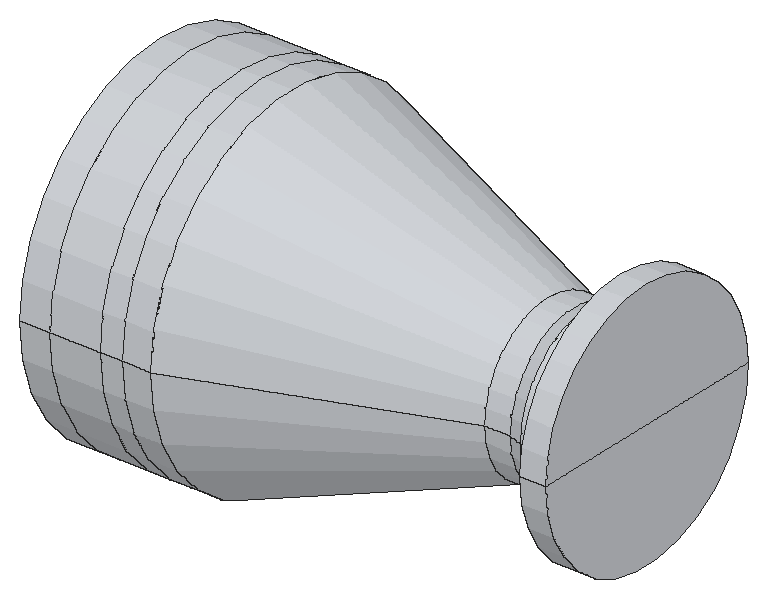
Revit family "65f92e28f6cd448690138564f763c8a9", category Pipe Fittings, Revit 2021
Family settings
  Round Connector Dimension = Use Radius
  Part Type = Transition
  OmniClass Number = 23.60.30.11.14
  OmniClass Title = Pipework Fittings
  Work Plane-Based = No
  Always vertical = Yes
  Cut with Voids When Loaded = No
  Shared = No
Parameters (values of type "Standard")
  Visibility 2 [instance] = Nominal Diameter 2 > Nominal Diameter 1  # no
  Visibility 1 [instance] = Nominal Diameter 1 > Nominal Diameter 2  # yes
  URL = ""
  Type Comments = ""
  Tick Size 2 [instance] = if(Nominal Diameter 1 > Nominal Diameter 2, Min Tick Size 12, Max Tick Size 12)  # 2.7760"
  Tick Size 1 [instance] = if(Nominal Diameter 1 > Nominal Diameter 2, Max Tick Size 12, Min Tick Size 12)  # 6.1200"
  Min Tick Size 12 [instance] = Min Fitting Outside Diameter 12 * 0.4  # 2.7760"
  Max Tick Size 12 [instance] = Max Fitting Outside Diameter 12 * 0.4  # 6.1200"
  Socket Outside Radius 2 [instance] = Socket Outside Diameter 2 / 2  # 3.7350"
  Socket Outside Radius 1 [instance] = Socket Outside Diameter 1 / 2  # 7.6500"
  Socket Outside Diameter 2 [instance] = if(Nominal Diameter 1 > Nominal Diameter 2, Min Socket Outside Diameter 12, Fitting Outside Diameter 2)  # 7.4700"
  Socket Outside Diameter 1 [instance] = if(Nominal Diameter 1 > Nominal Diameter 2, Fitting Outside Diameter 1, Min Socket Outside Diameter 12)  # 15.3000"
  Socket Depth 2 [instance] = if(Nominal Diameter 2 < 14.0000", 2.5000", if(Nominal Diameter 2 < 30.0000", 3.5000", 4.0000"))  # 2.5000"
  Socket Depth 1 [instance] = if(Nominal Diameter 1 < 14.0000", 2.5000", if(Nominal Diameter 1 < 30.0000", 3.5000", 4.0000"))  # 3.5000"
  Min Socket Outside Diameter 12 [instance] = size_lookup(Lookup Table Name, "SOD", 1.1 * Min Nominal Diameter 12 + 0.8700", Min Nominal Diameter 12)  # 7.4700"
  Max Socket Outside Diameter 12 [instance] = size_lookup(Lookup Table Name, "SOD", 1.04 * Max Nominal Diameter 12 + 0.1300", Max Nominal Diameter 12)  # 16.1900"
  Nominal Radius 2 [instance] = 3.0000"
  Nominal Radius 1 [instance] = 7.0000"
  Nominal Diameter 2 [instance] = Nominal Radius 2 * 2  # 6.0000"
  Nominal Diameter 1 [instance] = Nominal Radius 1 * 2  # 14.0000"
  Min Nominal Diameter 12 [instance] = if(Nominal Diameter 1 > Nominal Diameter 2, Nominal Diameter 2, Nominal Diameter 1)  # 6.0000"
  Max Nominal Diameter 12 [instance] = if(Nominal Diameter 1 > Nominal Diameter 2, Nominal Diameter 1, Nominal Diameter 2)  # 14.0000"
  Manufacturer = ""
  Loss Method = K Coefficient from Table
  Lookup Table Name = "Reducer - PE x MJ - GI - Class 150"
  Length [instance] = size_lookup(Lookup Table Name, "Lgt", 2 * Max Nominal Diameter 12 + Socket Depth 1 - Socket Depth 2, Max Nominal Diameter 12, Min Nominal Diameter 12)  # 21.1200"
  K Coefficient Table = "Reducer/Coupling/Union/Increaser"
  Fitting Outside Radius 2 [instance] = Fitting Outside Diameter 2 / 2  # 3.4700"
  Fitting Outside Radius 1 [instance] = Fitting Outside Diameter 1 / 2  # 7.6500"
  Min Fitting Outside Diameter 12 [instance] = size_lookup(Lookup Table Name, "FOD", 1.04 * Min Nominal Diameter 12 + 0.7000", Min Nominal Diameter 12)  # 6.9400"
  Max Fitting Outside Diameter 12 [instance] = size_lookup(Lookup Table Name, "FOD", 1.04 * Max Nominal Diameter 12 + 0.7000", Max Nominal Diameter 12)  # 15.3000"
  built-in parameter 1114238 [instance] = (empty or 0)
  Fitting Outside Diameter 2 [instance] = if(Nominal Diameter 1 > Nominal Diameter 2, Min Fitting Outside Diameter 12, Max Fitting Outside Diameter 12)  # 6.9400"
  Fitting Outside Diameter 1 [instance] = if(Nominal Diameter 1 > Nominal Diameter 2, Max Fitting Outside Diameter 12, Min Fitting Outside Diameter 12)  # 15.3000"
  Description = ""
  Default Elevation = 0.0000"
  Bevel Length 2 [instance] = size_lookup(Lookup Table Name, "BvLgt", 0.04 * Nominal Diameter 2 + 0.4300", Nominal Diameter 2)  # 0.6700"
  Bevel Length 1 [instance] = size_lookup(Lookup Table Name, "BvLgt", 0.04 * Nominal Diameter 1 + 0.4300", Nominal Diameter 1)  # 0.8900"
  Gland Width 2 [instance] = size_lookup(Lookup Table Name, "GWid", 0.03 * Nominal Diameter 2 + 0.9400", Nominal Diameter 2)  # 1.1200"
  Gland Width 1 [instance] = size_lookup(Lookup Table Name, "GWid", 0.03 * Nominal Diameter 1 + 0.9400", Nominal Diameter 1)  # 1.3100"
  Gland Outside Radius 1 [instance] = Gland Outside Diameter 1 / 2  # 7.6500"
  Gland Outside Radius 2 [instance] = Gland Outside Diameter 2 / 2  # 5.4950"
  Max Gland Outside Diameter 12 [instance] = size_lookup(Lookup Table Name, "GOD", 1.16 * Max Nominal Diameter 12 + 4.0300", Max Nominal Diameter 12)  # 20.2500"
  Min Gland Outside Diameter 12 [instance] = size_lookup(Lookup Table Name, "GOD", 1.16 * Min Nominal Diameter 12 + 4.0300", Min Nominal Diameter 12)  # 10.9900"
  Gland Outside Diameter 2 [instance] = if(Nominal Diameter 1 > Nominal Diameter 2, Min Gland Outside Diameter 12, Fitting Outside Diameter 2)  # 10.9900"
  Gland Outside Diameter 1 [instance] = if(Nominal Diameter 1 > Nominal Diameter 2, Fitting Outside Diameter 1, Min Gland Outside Diameter 12)  # 15.3000"
  Assembly Code = ""
Reference planes (in)
  plane 1 "Center (Front/Back)": y = 0
  plane 2: z = 0
  plane 3 "Center (Left/Right)": x = 0
  plane 4 "Right": x = 21.12
  plane 5 "TK1 Top": y = 6.12
  plane 6 "TK1 Bottom": y = -6.12
  plane 7 "TK2 Top": y = 2.776
  plane 8 "TK2 Bottom": y = -2.776
  plane 9: y = 7.65
  plane 10: y = 7.65
  plane 11: x = 3.5
  plane 12: x = 4.39
  plane 13: y = 7.65
  plane 14 "SD2R": x = 18.62
  plane 15: x = 1.31
  plane 16: x = 20
  plane 17: x = 17.95
  plane 18: y = 3.47
  plane 19: y = 3.735
  plane 20: y = 5.495
  plane 21: x = 5.7
  plane 22: x = 16.83
Forms (in)
  Extrusion 1, solid, not visible
    sketch origin (0, 0, 0) x (0, 1, 0) y (0, 0, 1)
      loop
        circle (0, 0) r 1
    from 0 to 21.12
  Revolve 2, solid, detail levels fine
    sketch origin (0, 0, 0) x (1, 0, 0) y (0, 1, 0)
      loop
        line (1.31, 7.65) -> (1.31, 0) -> (20, 0) -> (20, 3.735) -> (18.62, 3.735) -> (17.95, 3.47) -> (16.83, 3.47) -> (5.7, 7.65) -> (4.44, 7.65) -> (3.5, 7.65) -> (1.31, 7.65)
      axis (1.31, 0) -> (20, 0)
    angle from 0 to 360
  Revolve 3, solid, detail levels fine
    sketch origin (0, 0, 0) x (1, 0, 0) y (0, 1, 0)
      loop
        line (0, 0) -> (1.31, 0) -> (1.31, 7.65) -> (0, 7.65) -> (0, 0)
      loop
        line (21.12, 0) -> (21.12, 5.495) -> (20, 5.495) -> (20, 0) -> (21.12, 0)
      axis (0, 0) -> (21.12, 0)
    angle from 0 to 360
Cuts and joins
  joined: Revolve 2, Revolve 3
Lines and regions (in)
  model lines, detail levels coarse+medium
    curve 1: line (0, 0, 0) -> (0, 6.12, 0)
    curve 2: line (0, -6.12, 0) -> (0, 0, 0)
    curve 3: line (21.12, 0, 0) -> (21.12, 2.776, 0)
    curve 4: line (21.12, 0, 0) -> (21.12, -2.776, 0)
  model lines, style "PipeFitting", visible <- "Visibility 1", detail levels coarse+medium
    curve 5: line (0, 6.12, 0) -> (21.12, 0, 0)
    curve 6: line (0, -6.12, 0) -> (21.12, 0, 0)
  model lines, style "PipeFitting", visible <- "Visibility 2", detail levels coarse+medium
    curve 7: line (21.12, 2.776, 0) -> (0, 0, 0)
    curve 8: line (0, 0, 0) -> (21.12, -2.776, 0)
Dimensions and locks (in)
  "Tick Size 1": plane 5 "TK1 Top" to plane 1 "Center (Front/Back)"
  "Tick Size 1": plane 6 "TK1 Bottom" to plane 1 "Center (Front/Back)"
  "Tick Size 2": plane 7 "TK2 Top" to plane 1 "Center (Front/Back)"
  "Tick Size 2": plane 8 "TK2 Bottom" to plane 1 "Center (Front/Back)"
  "Gland Outside Radius 1": plane 9 to plane 1 "Center (Front/Back)"
  "Socket Outside Radius 1": plane 1 "Center (Front/Back)" to plane 10
  "Fitting Outside Radius 1": plane 13 to plane 1 "Center (Front/Back)"
  "Length": plane 3 "Center (Left/Right)" to plane 4 "Right"
  "Socket Depth 2": plane 14 "SD2R" to plane 4 "Right"
  "Socket Depth 1": plane 3 "Center (Left/Right)" to plane 11
  "Gland Width 1": plane 3 "Center (Left/Right)" to plane 15
  "Gland Width 2": plane 16 to plane 4 "Right"
  "Bevel Length 1": plane 11 to plane 12
  "Bevel Length 2": plane 17 to plane 14 "SD2R"
  "Fitting Outside Radius 2": plane 18 to plane 1 "Center (Front/Back)"
  "Socket Outside Radius 2": plane 19 to plane 1 "Center (Front/Back)"
  "Gland Outside Radius 2": plane 20 to plane 1 "Center (Front/Back)"
  "Gland Width 1": plane 12 to plane 21
  "Gland Width 2": plane 22 to plane 17
  radius of Extrusion 1 sketch curve = 1.0000"
  aligned and locked: plane 2 to level
  aligned and locked: plane 2 to Extrusion 1 sketch curve
  aligned and locked: plane 1 "Center (Front/Back)" to Extrusion 1 sketch curve
  aligned and locked: Extrusion 1 to plane 3 "Center (Left/Right)"
  aligned and locked: plane 4 "Right" to Extrusion 1
  aligned and locked: plane 1 "Center (Front/Back)" to curve 2
  aligned and locked: plane 3 "Center (Left/Right)" to curve 1
  aligned and locked: plane 3 "Center (Left/Right)" to curve 2
  aligned and locked: plane 5 "TK1 Top" to curve 1
  aligned and locked: plane 6 "TK1 Bottom" to curve 2
  aligned and locked: curve 3 to plane 7 "TK2 Top"
  aligned and locked: curve 4 to plane 4 "Right"
  aligned and locked: plane 1 "Center (Front/Back)" to Revolve 2 sketch curve
  aligned and locked: Revolve 2 sketch curve to plane 10
  aligned and locked: plane 11 to Revolve 2 sketch curve
  aligned and locked: plane 14 "SD2R" to Revolve 2 sketch curve
  aligned and locked: Revolve 2 sketch curve to plane 19
  aligned and locked: Revolve 2 sketch curve to Revolve 2 sketch curve
  aligned and locked: plane 18 to Revolve 2 sketch curve
  aligned and locked: plane 22 to Revolve 2 sketch curve
  aligned and locked: Revolve 2 sketch curve to plane 13
  aligned and locked: plane 21 to Revolve 2 sketch curve
  aligned and locked: Revolve 3 sketch curve to plane 15
  aligned and locked: Revolve 3 sketch curve to plane 9
  aligned and locked: Revolve 3 sketch curve to plane 20
  aligned and locked: plane 16 to Revolve 3 sketch curve
  aligned and locked: plane 4 "Right" to Revolve 3 sketch curve
  aligned and locked: Revolve 3 sketch curve to Revolve 3 sketch curve  (x2)
  aligned and locked: plane 3 "Center (Left/Right)" to Revolve 3 sketch curve
  aligned and locked: plane 15 to Revolve 2 sketch curve
  aligned and locked: plane 16 to Revolve 2 sketch curve
Automatic sketch dimensions
  plane 8 "TK2 Bottom" to curve 8 = 0.0000"
  plane 1 "Center (Front/Back)" to curve 4 = 0.0000"
  plane 1 "Center (Front/Back)" to Revolve 3 sketch curve = 0.0000"
  Revolve 3 sketch curve to plane 3 "Center (Left/Right)" = 9.7500"
  Revolve 3 sketch curve to Revolve 3 sketch curve = 7.2500"
  Revolve 2 sketch curve to plane 17 = 0.0000"
  Revolve 2 sketch curve to plane 3 "Center (Left/Right)" = 9.7500"
  Revolve 2 sketch curve to plane 12 = 0.0500"
  Revolve 2 sketch curve to Revolve 2 sketch curve = 8.3100"
Connectors (in)
  piping at (0, 0, 0), diameter 14, driven by "Nominal Radius 1"
    settings: on Extrusion 1, index 1, connector inside diameter 14.0000", connector length 0.0000", flow factor 0, pipe flow 0 GPM, pressure drop 0.00 psi, fitting loss kfactor 0, connector angle 0.00°, fixture units 0, engagement length 0.0000", angle of deflection 0.00°, flow configuration 0, flow direction 0, fitting loss method 0, system type 28, joint type 0, gender type 0, connector reference index 2, connector utility 0, adjustable connector no, is connector primary yes, connector description ""
  piping at (21.12, 0, 0), diameter 6, driven by "Nominal Radius 2"
    settings: on Extrusion 1, index 2, connector inside diameter 6.0000", connector length 0.0000", flow factor 0, pipe flow 0 GPM, pressure drop 0.00 psi, fitting loss kfactor 0, connector angle 0.00°, fixture units 0, engagement length 0.0000", angle of deflection 0.00°, flow configuration 0, flow direction 0, fitting loss method 0, system type 28, joint type 0, gender type 0, connector reference index 1, connector utility 0, adjustable connector no, is connector primary no, connector description ""
